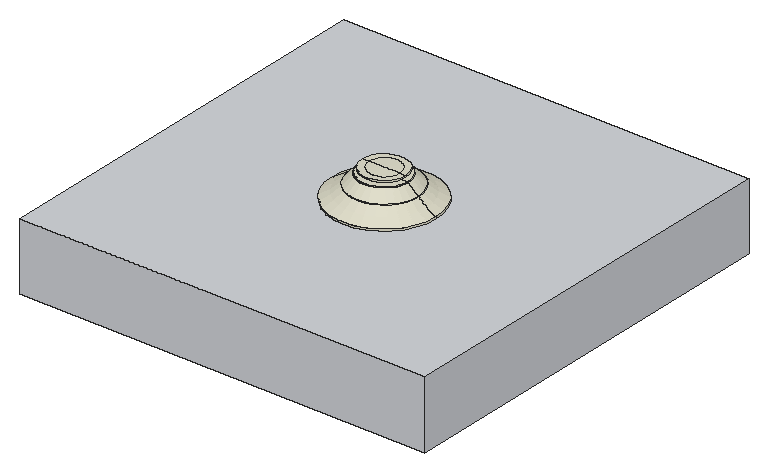
Revit family "FST-951-IV.BIM", category Fire Alarm Devices, host Face, Revit 2020
Family settings
  Host = Face
  Maintain Annotation Orientation = Yes
  Round Connector Dimension = Use Diameter
  Part Type = Normal
  OmniClass Number = 23.85.30.21
  OmniClass Title = Environmental Detection/Registration
  Cut with Voids When Loaded = No
  Shared = No
  Room Calculation Point = No
Parameters (values of type "Detector_with_Flanged_Base_Ivory")
  Wall Mounted [instance] = no
  URL = "www.notifier.com"
  Standard_Wall [instance] = and(Wall Mounted, Standard Base)  # no
  Standard_Ceiling [instance] = and(Ceiling Mounted, Standard Base)  # yes
  Standard Base = yes
  Speciality_Ceiling [instance] = and(Ceiling Mounted, Specality Base)  # no
  Specality_Wall [instance] = and(Wall Mounted, Specality Base)  # no
  Specality Base = no
  Puck_Wall [instance] = and(Wall Mounted, Puck Base)  # no
  Puck_Ceiling [instance] = and(Ceiling Mounted, Puck Base)  # no
  Puck Base = no
  Mounting Requirements = "Standard 4 inch square, 4 inch octagonal, or single gang electrical box."
  Model = "FST-951-IV/B300-6-IV"
  Manufacturer = "Notifier"  # constant formula
  Main Electrical Connection = "Signaling Line Circuit"  # constant formula
  Height = if(Specality Base, 0' 2 9/16", 0' 1 11/16")  # 0' - 1 11/16"
  Finish = Plastic_Notifier_Ivory
  Diameter = if(Puck Base, 0' 4", if(Standard Base, 0' 6", 0' 6 7/8"))  # 0' - 6"
  Detector Type = "F"  # constant formula
  Description = "Intelligent Plug-In Heat Detector-Fixed Temp Detector / Flanged Mounting Base"
  Default Elevation = 6' - 8"
  Ceiling Mounted [instance] = not(Wall Mounted)  # yes
  Base Thickness = if(Specality Base, 0' 1 11/16", 0' 0 7/8")  # 0' - 0 7/8"
  Base Select = DetectorBase-Select_Series : Flanged Base
  Base Label = ""
  Assembly Code = "D5030700"
Reference planes (in)
  plane 1 "Center (Front/Back)": y = 0
  plane 2: z = 0
  plane 3 "Center (Left/Right)": x = 0
  plane 4 "Base Depth": z = 0.875
  plane 5: x = 0
Forms (in)
  Extrusion 1, solid
    sketch origin (24, -6.72932, 0) x (1, 0, 0) y (0, 1, 0)
      loop
        line (-36, 18.72932) -> (-36, -5.27068) -> (-12, -5.27068) -> (-12, 18.72932) -> (-36, 18.72932)
    from 0 to -4
Lines and regions (in)
  Masking region 1, visible <- "Wall Mounted"
    outline origin (-5.53202, -3.47829, 0) x (1, 0, 0) y (0, 1, 0)
      loop
        circle (5.53047, 3.47791) r 2.11075
  Masking region 2, visible <- "Wall Mounted", not visible
    outline origin (0, 0, 0) x (1, 0, 0) y (0, 1, 0)
      loop
        circle (5.53047, 3.47791) r 2.11075
  Masking region 3, visible <- "Standard_Ceiling"
    outline origin (-15.46141, 0, -26.39682) x (1, 0, 0) y (0, 0, 1)
      loop
        line (18.5344, 26.39682) -> (18.5344, 26.50119) -> (17.48216, 27.19351) -> (16.92543, 27.75024) -> (16.74554, 28.06183) -> (14.18447, 28.06183) -> (14.00507, 27.75122) -> (13.45804, 27.2042) -> (12.38841, 26.50119) -> (12.38841, 26.39682) -> (18.5344, 26.39682)
  Masking region 4, visible <- "Standard Base"
    outline origin (0, -12, 0) x (0, 1, 0) y (0, 0, 1)
      loop
        line (8.927, 0) -> (15.073, 0) -> (15.073, 0.10437) -> (14.05174, 0.7967) -> (13.45781, 1.39064) -> (13.27694, 1.66501) -> (10.72306, 1.66501) -> (10.5633, 1.37724) -> (9.99344, 0.80738) -> (8.927, 0.10437) -> (8.927, 0)
  Masking region 5, visible <- "Standard Base", not visible
    outline origin (0, 0, 0) x (0, 1, 0) y (0, 0, 1)
      loop
        line (8.927, 0) -> (15.073, 0) -> (15.073, 0.10437) -> (14.05174, 0.7967) -> (13.45781, 1.39064) -> (13.27694, 1.66501) -> (10.72306, 1.66501) -> (10.5633, 1.37724) -> (9.99344, 0.80738) -> (8.927, 0.10437) -> (8.927, 0)
  Masking region 6, visible <- "Standard_Wall"
    outline origin (0, 0, 0) x (1, 0, 0) y (0, 1, 0)
      loop
        circle (-0.00155, -0.00039) r 3.0741
  Masking region 7, visible <- "Specality_Wall"
    outline origin (0, 0, 0) x (1, 0, 0) y (0, 1, 0)
      loop
        circle (-0.00155, -0.00039) r 3.42775
  Masking region 8, visible <- "Specality Base"
    outline origin (0, 27.45036, -32.86568) x (0, 1, 0) y (0, 0, 1)
      loop
        line (-24.04835, 32.86568) -> (-24.04835, 33.8153) -> (-24.22768, 34.12578) -> (-24.67998, 34.36368) -> (-25.447, 34.52671) -> (-25.99402, 35.07374) -> (-26.17342, 35.38434) -> (-28.76187, 35.38434) -> (-28.88706, 35.09658) -> (-29.45692, 34.52671) -> (-30.22074, 34.32282) -> (-30.69819, 34.09707) -> (-30.82078, 33.8153) -> (-30.88035, 32.86568) -> (-24.04835, 32.86568)
  Masking region 9, visible <- "Specality Base", not visible
    outline origin (0, 0, 0) x (0, 1, 0) y (0, 0, 1)
      loop
        line (-24.04835, 32.86568) -> (-24.04835, 33.8153) -> (-24.22768, 34.12578) -> (-24.67998, 34.36368) -> (-25.447, 34.52671) -> (-25.99402, 35.07374) -> (-26.17342, 35.38434) -> (-28.76187, 35.38434) -> (-28.88706, 35.09658) -> (-29.45692, 34.52671) -> (-30.22074, 34.32282) -> (-30.69819, 34.09707) -> (-30.82078, 33.8153) -> (-30.88035, 32.86568) -> (-24.04835, 32.86568)
  Masking region 10, visible <- "Speciality_Ceiling"
    outline origin (-12.15283, 0, -40.72634) x (1, 0, 0) y (0, 0, 1)
      loop
        line (15.58124, 40.72775) -> (15.52167, 41.67737) -> (15.39908, 41.95915) -> (14.71166, 42.25094) -> (14.27096, 42.34263) -> (14.15781, 42.38878) -> (13.42819, 43.24641) -> (10.87432, 43.24641) -> (10.14469, 42.38878) -> (9.97762, 42.33469) -> (9.38087, 42.18489) -> (8.88102, 41.9796) -> (8.77242, 41.62224) -> (8.72127, 40.72775) -> (15.58124, 40.72775)
  Masking region 11, visible <- "Speciality_Ceiling", not visible
    outline origin (0, 0, 0) x (1, 0, 0) y (0, 0, 1)
      loop
        line (15.58124, 40.72775) -> (15.52167, 41.67737) -> (15.39908, 41.95915) -> (14.71166, 42.25094) -> (14.27096, 42.34263) -> (14.15781, 42.38878) -> (13.42819, 43.24641) -> (10.87432, 43.24641) -> (10.14469, 42.38878) -> (9.97762, 42.33469) -> (9.38087, 42.18489) -> (8.88102, 41.9796) -> (8.77242, 41.62224) -> (8.72127, 40.72775) -> (15.58124, 40.72775)
  Masking region 12, visible <- "Puck Base"
    outline origin (0, -7.69624, 0.00261) x (0, 1, 0) y (0, 0, 1)
      loop
        line (5.67769, 0) -> (9.68761, 0) -> (9.68761, 0.82534) -> (9.14058, 1.37236) -> (8.96118, 1.68297) -> (6.40731, 1.68297) -> (6.24755, 1.3952) -> (5.67769, 0.82534) -> (5.67769, 0)
  Masking region 13, visible <- "Puck Base", not visible
    outline origin (0, 0, 0) x (0, 1, 0) y (0, 0, 1)
      loop
        line (5.67769, 0) -> (9.68761, 0) -> (9.68761, 0.82534) -> (9.14058, 1.37236) -> (8.96118, 1.68297) -> (6.40731, 1.68297) -> (6.24755, 1.3952) -> (5.67769, 0.82534) -> (5.67769, 0)
  Masking region 14, visible <- "Puck_Ceiling"
    outline origin (7.40824, 0, -0.80829) x (1, 0, 0) y (0, 0, 1)
      loop
        line (-5.40168, 0.80829) -> (-5.40168, 1.63642) -> (-5.94776, 2.18249) -> (-6.00405, 2.18249) -> (-6.00405, 2.21689) -> (-7.13967, 2.21689) -> (-7.13967, 2.41176) -> (-6.13131, 2.41176) -> (-6.13131, 2.49405) -> (-6.54202, 2.49405) -> (-7.15621, 2.51785) -> (-7.72665, 2.51785) -> (-8.30672, 2.49405) -> (-8.68518, 2.49405) -> (-8.68518, 2.41176) -> (-7.67681, 2.41176) -> (-7.67681, 2.21689) -> (-8.81353, 2.21689) -> (-8.81353, 2.18344) -> (-8.86458, 2.18344) -> (-9.4116, 1.63642) -> (-9.4116, 0.80829) -> (-5.40168, 0.80829)
  Masking region 15, visible <- "Puck_Ceiling", not visible
    outline origin (0, 0, -0.82392) x (1, 0, 0) y (0, 0, 1)
      loop
        line (-5.40168, 0.80829) -> (-5.40168, 1.63642) -> (-5.94776, 2.18249) -> (-6.00405, 2.18249) -> (-6.00405, 2.21689) -> (-7.13967, 2.21689) -> (-7.13967, 2.41176) -> (-6.13131, 2.41176) -> (-6.13131, 2.49405) -> (-6.54202, 2.49405) -> (-7.15621, 2.51785) -> (-7.72665, 2.51785) -> (-8.30672, 2.49405) -> (-8.68518, 2.49405) -> (-8.68518, 2.41176) -> (-7.67681, 2.41176) -> (-7.67681, 2.21689) -> (-8.81353, 2.21689) -> (-8.81353, 2.18344) -> (-8.86458, 2.18344) -> (-9.4116, 1.63642) -> (-9.4116, 0.80829) -> (-5.40168, 0.80829)
  symbolic lines, style "0", visible <- "Wall Mounted"
    curve 1: circle (-0.00155, -0.00039, 0) r 2.00967 normal (0, 0, 1)
    curve 2: circle (-0.00155, -0.00039, 0) r 2.11075 normal (0, 0, 1)
    curve 3: circle (-0.00155, -0.00039, 0) r 1.45634 normal (0, 0, 1)
    curve 4: circle (-0.00155, -0.00039, 0) r 1.40529 normal (0, 0, 1)
    curve 5: circle (-0.00155, -0.00039, 0) r 1.27694 normal (0, 0, 1)
  symbolic lines, style "0", visible <- "Wall Mounted", not visible
    curve 6: circle (5.53047, 3.47791, 0) r 2.00967 normal (0, 0, 1)
    curve 7: circle (5.53047, 3.47791, 0) r 2.11075 normal (0, 0, 1)
    curve 8: circle (5.53047, 3.47791, 0) r 1.45634 normal (0, 0, 1)
    curve 9: circle (5.53047, 3.47791, 0) r 1.40529 normal (0, 0, 1)
    curve 10: circle (5.53047, 3.47791, 0) r 1.27694 normal (0, 0, 1)
  symbolic lines, visible <- "Standard_Wall"
    curve 11: circle (0, -0.00039, 0) r 3.073 normal (0, 0, 1)
  symbolic lines, style "0", visible <- "Standard Base"
    curve 12: arc (0, -2.02075, 0.7967) -> (0, -2.52551, 0.41806) -> (0, -3.073, 0.10437) r 5.12142
    curve 13: arc (0, 3.073, 0.10437) -> (0, 2.52551, 0.41806) -> (0, 2.02075, 0.7967) r 5.12142
    curve 14: arc (0, 2.00656, 0.80738) -> (0, 1.72117, 1.07055) -> (0, 1.45634, 1.3544) r 5.16892
    curve 15: arc (0, 0, 1.69084) -> (0, 0.44942, 1.68438) -> (0, 0.89848, 1.66501) r 15.63962
    curve 16: arc (0, -1.45634, 1.3544) -> (0, -1.72117, 1.07055) -> (0, -2.00656, 0.80738) r 5.16892
    curve 17: arc (0, -0.89848, 1.66501) -> (0, -0.44942, 1.68438) -> (0, 0, 1.69084) r 15.63962
    curve 18: line (0, 3.073, 0.10437) -> (0, 3.073, 0)
    curve 19: line (0, 3.073, 0) -> (0, 0, 0)
    curve 20: line (0, 0, 0) -> (0, -3.073, 0)
    curve 21: line (0, -3.073, 0) -> (0, -3.073, 0.10437)
    curve 22: line (0, -2.02075, 0.7967) -> (0, 0, 0.7967)
    curve 23: line (0, 0, 0.7967) -> (0, 2.02075, 0.7967)
    curve 24: line (0, -1.45634, 1.3544) -> (0, -1.40529, 1.3544)
    curve 25: line (0, -1.40529, 1.3544) -> (0, -1.40529, 1.38785)
    curve 26: line (0, -1.40529, 1.38785) -> (0, 0, 1.38785)
    curve 27: line (0, 0, 1.38785) -> (0, 1.40529, 1.38785)
    curve 28: line (0, 1.40529, 1.38785) -> (0, 1.40529, 1.3544)
    curve 29: line (0, 1.40529, 1.3544) -> (0, 1.45634, 1.3544)
    curve 30: line (0, -0.26857, 1.38785) -> (0, -0.26857, 1.58272)
    curve 31: line (0, -0.26857, 1.58272) -> (0, -1.27694, 1.58272)
    curve 32: line (0, -1.27694, 1.58272) -> (0, -1.27694, 1.66501)
    curve 33: line (0, -1.27694, 1.66501) -> (0, -0.89848, 1.66501)
    curve 34: line (0, -0.89848, 1.66501) -> (0, 0.89848, 1.66501)
    curve 35: line (0, 0.89848, 1.66501) -> (0, 1.27694, 1.66501)
    curve 36: line (0, 1.27694, 1.66501) -> (0, 1.27694, 1.58272)
    curve 37: line (0, 1.27694, 1.58272) -> (0, 0.26857, 1.58272)
    curve 38: line (0, 0.26857, 1.58272) -> (0, 0.26857, 1.38785)
    curve 39: line (0, 2.00656, 0.80738) -> (0, -2.00656, 0.80738)
    curve 40: line (0, 1.40529, 1.3544) -> (0, -1.40529, 1.3544)
    curve 41: line (0, 0.26857, 1.58272) -> (0, -0.26857, 1.58272)
  symbolic lines, style "0", visible <- "Standard Base", not visible
    curve 42: arc (0, 9.97925, 0.7967) -> (0, 9.47449, 0.41806) -> (0, 8.927, 0.10437) r 5.12142
    curve 43: arc (0, 15.073, 0.10437) -> (0, 14.52551, 0.41806) -> (0, 14.02075, 0.7967) r 5.12142
    curve 44: arc (0, 14.00656, 0.80738) -> (0, 13.72117, 1.07055) -> (0, 13.45634, 1.3544) r 5.16892
    curve 45: arc (0, 12, 1.69084) -> (0, 12.44942, 1.68438) -> (0, 12.89848, 1.66501) r 15.63962
    curve 46: arc (0, 10.54366, 1.3544) -> (0, 10.27883, 1.07055) -> (0, 9.99344, 0.80738) r 5.16892
    curve 47: arc (0, 11.10152, 1.66501) -> (0, 11.55058, 1.68438) -> (0, 12, 1.69084) r 15.63962
    curve 48: line (0, 15.073, 0.10437) -> (0, 15.073, 0)
    curve 49: line (0, 15.073, 0) -> (0, 12, 0)
    curve 50: line (0, 12, 0) -> (0, 8.927, 0)
    curve 51: line (0, 8.927, 0) -> (0, 8.927, 0.10437)
    curve 52: line (0, 9.97925, 0.7967) -> (0, 12, 0.7967)
    curve 53: line (0, 12, 0.7967) -> (0, 14.02075, 0.7967)
    curve 54: line (0, 10.54366, 1.3544) -> (0, 10.59471, 1.3544)
    curve 55: line (0, 10.59471, 1.3544) -> (0, 10.59471, 1.38785)
    curve 56: line (0, 10.59471, 1.38785) -> (0, 12, 1.38785)
    curve 57: line (0, 12, 1.38785) -> (0, 13.40529, 1.38785)
    curve 58: line (0, 13.40529, 1.38785) -> (0, 13.40529, 1.3544)
    curve 59: line (0, 13.40529, 1.3544) -> (0, 13.45634, 1.3544)
    curve 60: line (0, 11.73143, 1.38785) -> (0, 11.73143, 1.58272)
    curve 61: line (0, 11.73143, 1.58272) -> (0, 10.72306, 1.58272)
    curve 62: line (0, 10.72306, 1.58272) -> (0, 10.72306, 1.66501)
    curve 63: line (0, 10.72306, 1.66501) -> (0, 11.10152, 1.66501)
    curve 64: line (0, 11.10152, 1.66501) -> (0, 12.89848, 1.66501)
    curve 65: line (0, 12.89848, 1.66501) -> (0, 13.27694, 1.66501)
    curve 66: line (0, 13.27694, 1.66501) -> (0, 13.27694, 1.58272)
    curve 67: line (0, 13.27694, 1.58272) -> (0, 12.26857, 1.58272)
    curve 68: line (0, 12.26857, 1.58272) -> (0, 12.26857, 1.38785)
    curve 69: line (0, 14.00656, 0.80738) -> (0, 9.99344, 0.80738)
    curve 70: line (0, 13.40529, 1.3544) -> (0, 10.59471, 1.3544)
    curve 71: line (0, 12.26857, 1.58272) -> (0, 11.73143, 1.58272)
  symbolic lines, style "0", visible <- "Standard_Ceiling"
    curve 72: arc (2.02075, 0, 0.7967) -> (2.52551, 0, 0.41806) -> (3.073, 0, 0.10437) r 5.12142
    curve 73: arc (-3.073, 0, 0.10437) -> (-2.52551, 0, 0.41806) -> (-2.02075, 0, 0.7967) r 5.12142
    curve 74: arc (-2.00656, 0, 0.80738) -> (-1.72117, 0, 1.07055) -> (-1.45634, 0, 1.3544) r 5.16892
    curve 75: arc (0, 0, 1.69084) -> (-0.44942, 0, 1.68438) -> (-0.89848, 0, 1.66501) r 15.63962
    curve 76: arc (1.45634, 0, 1.3544) -> (1.72117, 0, 1.07055) -> (2.00656, 0, 0.80738) r 5.16892
    curve 77: arc (0.89848, 0, 1.66501) -> (0.44942, 0, 1.68438) -> (0, 0, 1.69084) r 15.63962
    curve 78: line (-3.073, 0, 0.10437) -> (-3.073, 0, 0)
    curve 79: line (-3.073, 0, 0) -> (0, 0, 0)
    curve 80: line (0, 0, 0) -> (3.073, 0, 0)
    curve 81: line (3.073, 0, 0) -> (3.073, 0, 0.10437)
    curve 82: line (2.02075, 0, 0.7967) -> (0, 0, 0.7967)
    curve 83: line (0, 0, 0.7967) -> (-2.02075, 0, 0.7967)
    curve 84: line (1.45634, 0, 1.3544) -> (1.40529, 0, 1.3544)
    curve 85: line (1.40529, 0, 1.3544) -> (1.40529, 0, 1.38785)
    curve 86: line (1.40529, 0, 1.38785) -> (0, 0, 1.38785)
    curve 87: line (0, 0, 1.38785) -> (-1.40529, 0, 1.38785)
    curve 88: line (-1.40529, 0, 1.38785) -> (-1.40529, 0, 1.3544)
    curve 89: line (-1.40529, 0, 1.3544) -> (-1.45634, 0, 1.3544)
    curve 90: line (0.26857, 0, 1.38785) -> (0.26857, 0, 1.58272)
    curve 91: line (0.26857, 0, 1.58272) -> (1.27694, 0, 1.58272)
    curve 92: line (1.27694, 0, 1.58272) -> (1.27694, 0, 1.66501)
    curve 93: line (1.27694, 0, 1.66501) -> (0.89848, 0, 1.66501)
    curve 94: line (0.89848, 0, 1.66501) -> (-0.89848, 0, 1.66501)
    curve 95: line (-0.89848, 0, 1.66501) -> (-1.27694, 0, 1.66501)
    curve 96: line (-1.27694, 0, 1.66501) -> (-1.27694, 0, 1.58272)
    curve 97: line (-1.27694, 0, 1.58272) -> (-0.26857, 0, 1.58272)
    curve 98: line (-0.26857, 0, 1.58272) -> (-0.26857, 0, 1.38785)
    curve 99: line (-2.00656, 0, 0.80738) -> (2.00656, 0, 0.80738)
    curve 100: line (-1.40529, 0, 1.3544) -> (1.40529, 0, 1.3544)
    curve 101: line (-0.26857, 0, 1.58272) -> (0.26857, 0, 1.58272)
  symbolic lines, style "0", visible <- "Specality_Wall"
    curve 102: circle (-0.00155, -0.00039, 0) r 2.00967 normal (0, 0, 1)
    curve 103: circle (-0.00155, -0.00039, 0) r 3.42775 normal (0, 0, 1)
    curve 104: circle (-0.00155, -0.00039, 0) r 3.38081 normal (0, 0, 1)
    curve 105: circle (-0.00155, -0.00039, 0) r 3.25078 normal (0, 0, 1)
    curve 106: circle (-0.00155, -0.00039, 0) r 2.11075 normal (0, 0, 1)
    curve 107: arc (0.85813, 3.31781, 0) -> (1.17522, 2.32061, 0) -> (1.72456, 1.43, 0) r 4.28478
    curve 108: arc (2.2402, -0.00039, 0) -> (2.10736, 0.75986, 0) -> (1.72456, 1.43, 0) r 2.24176
    curve 109: arc (1.72456, -1.43078, 0) -> (1.17522, -2.32139, 0) -> (0.85813, -3.31859, 0) r 4.28478
    curve 110: arc (1.72456, -1.43078, 0) -> (2.10736, -0.76064, 0) -> (2.2402, -0.00039, 0) r 2.24176
    curve 111: arc (3.01297, -0.00039, 0) -> (2.74961, 1.23188, 0) -> (2.00553, 2.24883, 0) r 3.01453
    curve 112: arc (2.93101, -0.00039, 0) -> (2.67346, 1.20139, 0) -> (1.94603, 2.19207, 0) r 2.93257
    curve 113: arc (2.76294, -0.00039, 0) -> (2.55291, 1.05655, 0) -> (1.95474, 1.9529, 0) r 2.76449
    curve 114: arc (2.68098, -0.00039, 0) -> (2.47573, 1.0287, 0) -> (1.89141, 1.90031, 0) r 2.68253
    curve 115: arc (2.51356, -0.00039, 0) -> (2.35974, 0.86568, 0) -> (1.91711, 1.62581, 0) r 2.51511
    curve 116: arc (2.4316, -0.00039, 0) -> (2.28149, 0.84101, 0) -> (1.84968, 1.57858, 0) r 2.43315
    curve 117: arc (2.00553, -2.24961, 0) -> (2.74961, -1.23266, 0) -> (3.01297, -0.00039, 0) r 3.01453
    curve 118: arc (1.94603, -2.19284, 0) -> (2.67346, -1.20216, 0) -> (2.93101, -0.00039, 0) r 2.93257
    curve 119: arc (1.95474, -1.95368, 0) -> (2.55291, -1.05733, 0) -> (2.76294, -0.00039, 0) r 2.76449
    curve 120: arc (1.89141, -1.90109, 0) -> (2.47573, -1.02948, 0) -> (2.68098, -0.00039, 0) r 2.68253
    curve 121: arc (1.91711, -1.62659, 0) -> (2.35974, -0.86646, 0) -> (2.51356, -0.00039, 0) r 2.51511
    curve 122: arc (1.84968, -1.57936, 0) -> (2.28149, -0.84178, 0) -> (2.4316, -0.00039, 0) r 2.43315
    curve 123: arc (-2.00863, 2.24883, 0) -> (-2.75271, 1.23188, 0) -> (-3.01608, -0.00039, 0) r 3.01453
    curve 124: arc (-1.94914, 2.19207, 0) -> (-2.67656, 1.20139, 0) -> (-2.93412, -0.00039, 0) r 2.93257
    curve 125: arc (-1.95785, 1.9529, 0) -> (-2.55602, 1.05655, 0) -> (-2.76604, -0.00039, 0) r 2.76449
    curve 126: arc (-1.89451, 1.90031, 0) -> (-2.47884, 1.0287, 0) -> (-2.68408, -0.00039, 0) r 2.68253
    curve 127: arc (-1.92021, 1.62581, 0) -> (-2.36285, 0.86568, 0) -> (-2.51667, -0.00039, 0) r 2.51511
    curve 128: arc (-1.85279, 1.57858, 0) -> (-2.2846, 0.84101, 0) -> (-2.43471, -0.00039, 0) r 2.43315
    curve 129: arc (-3.01608, -0.00039, 0) -> (-2.75271, -1.23266, 0) -> (-2.00863, -2.24961, 0) r 3.01453
    curve 130: arc (-2.93412, -0.00039, 0) -> (-2.67656, -1.20216, 0) -> (-1.94914, -2.19284, 0) r 2.93257
    curve 131: arc (-2.76604, -0.00039, 0) -> (-2.55602, -1.05733, 0) -> (-1.95785, -1.95368, 0) r 2.76449
    curve 132: arc (-2.68408, -0.00039, 0) -> (-2.47884, -1.02948, 0) -> (-1.89451, -1.90109, 0) r 2.68253
    curve 133: arc (-2.51667, -0.00039, 0) -> (-2.36285, -0.86646, 0) -> (-1.92021, -1.62659, 0) r 2.51511
    curve 134: arc (-2.43471, -0.00039, 0) -> (-2.2846, -0.84178, 0) -> (-1.85279, -1.57936, 0) r 2.43315
    curve 135: line (1.84968, 1.57858, 0) -> (1.91711, 1.62581, 0)
    curve 136: line (1.89141, 1.90031, 0) -> (1.95474, 1.9529, 0)
    curve 137: line (1.94603, 2.19207, 0) -> (2.00553, 2.24883, 0)
    curve 138: line (1.84968, -1.57936, 0) -> (1.91711, -1.62659, 0)
    curve 139: line (1.89141, -1.90109, 0) -> (1.95474, -1.95368, 0)
    curve 140: line (1.94603, -2.19284, 0) -> (2.00553, -2.24961, 0)
    curve 141: line (-1.85279, 1.57858, 0) -> (-1.92021, 1.62581, 0)
    curve 142: line (-1.89451, 1.90031, 0) -> (-1.95785, 1.9529, 0)
    curve 143: line (-1.94914, 2.19207, 0) -> (-2.00863, 2.24883, 0)
    curve 144: line (-1.85279, -1.57936, 0) -> (-1.92021, -1.62659, 0)
    curve 145: line (-1.89451, -1.90109, 0) -> (-1.95785, -1.95368, 0)
    curve 146: line (-1.94914, -2.19284, 0) -> (-2.00863, -2.24961, 0)
    curve 147: arc (-1.72767, 1.43, 0) -> (-1.17833, 2.32061, 0) -> (-0.86124, 3.31781, 0) r 4.28478
    curve 148: arc (-1.72767, 1.43, 0) -> (-2.11046, 0.75986, 0) -> (-2.24331, -0.00039, 0) r 2.24176
    curve 149: arc (-0.86124, -3.31859, 0) -> (-1.17833, -2.32139, 0) -> (-1.72767, -1.43078, 0) r 4.28478
    curve 150: arc (-2.24331, -0.00039, 0) -> (-2.11046, -0.76064, 0) -> (-1.72767, -1.43078, 0) r 2.24176
    curve 151: circle (-0.00155, -0.00039, 0) r 1.45634 normal (0, 0, 1)
    curve 152: circle (-0.00155, -0.00039, 0) r 1.40529 normal (0, 0, 1)
    curve 153: circle (-0.00155, -0.00039, 0) r 1.27694 normal (0, 0, 1)
  symbolic lines, style "0", visible <- "Specality_Wall", not visible
    curve 154: circle (6.19169, 5.69951, 0) r 2.00967 normal (0, 0, 1)
    curve 155: circle (6.19169, 5.69951, 0) r 3.42775 normal (0, 0, 1)
    curve 156: circle (6.19169, 5.69951, 0) r 3.38081 normal (0, 0, 1)
    curve 157: circle (6.19169, 5.69951, 0) r 3.25078 normal (0, 0, 1)
    curve 158: circle (6.19169, 5.69951, 0) r 2.11075 normal (0, 0, 1)
    curve 159: arc (7.05137, 9.01771, 0) -> (7.36846, 8.02051, 0) -> (7.9178, 7.1299, 0) r 4.28478
    curve 160: arc (8.43345, 5.69951, 0) -> (8.3006, 6.45976, 0) -> (7.9178, 7.1299, 0) r 2.24176
    curve 161: arc (7.9178, 4.26912, 0) -> (7.36846, 3.37851, 0) -> (7.05137, 2.38131, 0) r 4.28478
    curve 162: arc (7.9178, 4.26912, 0) -> (8.3006, 4.93926, 0) -> (8.43345, 5.69951, 0) r 2.24176
    curve 163: arc (9.20622, 5.69951, 0) -> (8.94285, 6.93178, 0) -> (8.19877, 7.94873, 0) r 3.01453
    curve 164: arc (9.12426, 5.69951, 0) -> (8.8667, 6.90128, 0) -> (8.13928, 7.89196, 0) r 2.93257
    curve 165: arc (8.95618, 5.69951, 0) -> (8.74615, 6.75645, 0) -> (8.14798, 7.6528, 0) r 2.76449
    curve 166: arc (8.87422, 5.69951, 0) -> (8.66898, 6.7286, 0) -> (8.08465, 7.60021, 0) r 2.68253
    curve 167: arc (8.7068, 5.69951, 0) -> (8.55299, 6.56558, 0) -> (8.11035, 7.32571, 0) r 2.51511
    curve 168: arc (8.62484, 5.69951, 0) -> (8.47473, 6.5409, 0) -> (8.04293, 7.27848, 0) r 2.43315
    curve 169: arc (8.19877, 3.45029, 0) -> (8.94285, 4.46724, 0) -> (9.20622, 5.69951, 0) r 3.01453
    curve 170: arc (8.13928, 3.50706, 0) -> (8.8667, 4.49774, 0) -> (9.12426, 5.69951, 0) r 2.93257
    curve 171: arc (8.14798, 3.74622, 0) -> (8.74615, 4.64257, 0) -> (8.95618, 5.69951, 0) r 2.76449
    curve 172: arc (8.08465, 3.79881, 0) -> (8.66898, 4.67042, 0) -> (8.87422, 5.69951, 0) r 2.68253
    curve 173: arc (8.11035, 4.07331, 0) -> (8.55299, 4.83344, 0) -> (8.7068, 5.69951, 0) r 2.51511
    curve 174: arc (8.04293, 4.12054, 0) -> (8.47473, 4.85812, 0) -> (8.62484, 5.69951, 0) r 2.43315
    curve 175: arc (4.18461, 7.94873, 0) -> (3.44053, 6.93178, 0) -> (3.17716, 5.69951, 0) r 3.01453
    curve 176: arc (4.24411, 7.89196, 0) -> (3.51668, 6.90128, 0) -> (3.25912, 5.69951, 0) r 2.93257
    curve 177: arc (4.2354, 7.6528, 0) -> (3.63723, 6.75645, 0) -> (3.4272, 5.69951, 0) r 2.76449
    curve 178: arc (4.29873, 7.60021, 0) -> (3.7144, 6.7286, 0) -> (3.50916, 5.69951, 0) r 2.68253
    curve 179: arc (4.27303, 7.32571, 0) -> (3.8304, 6.56558, 0) -> (3.67658, 5.69951, 0) r 2.51511
    curve 180: arc (4.34045, 7.27848, 0) -> (3.90865, 6.5409, 0) -> (3.75854, 5.69951, 0) r 2.43315
    curve 181: arc (3.17716, 5.69951, 0) -> (3.44053, 4.46724, 0) -> (4.18461, 3.45029, 0) r 3.01453
    curve 182: arc (3.25912, 5.69951, 0) -> (3.51668, 4.49774, 0) -> (4.24411, 3.50706, 0) r 2.93257
    curve 183: arc (3.4272, 5.69951, 0) -> (3.63723, 4.64257, 0) -> (4.2354, 3.74622, 0) r 2.76449
    curve 184: arc (3.50916, 5.69951, 0) -> (3.7144, 4.67042, 0) -> (4.29873, 3.79881, 0) r 2.68253
    curve 185: arc (3.67658, 5.69951, 0) -> (3.8304, 4.83344, 0) -> (4.27303, 4.07331, 0) r 2.51511
    curve 186: arc (3.75854, 5.69951, 0) -> (3.90865, 4.85812, 0) -> (4.34045, 4.12054, 0) r 2.43315
    curve 187: line (8.04293, 7.27848, 0) -> (8.11035, 7.32571, 0)
    curve 188: line (8.08465, 7.60021, 0) -> (8.14798, 7.6528, 0)
    curve 189: line (8.13928, 7.89196, 0) -> (8.19877, 7.94873, 0)
    curve 190: line (8.04293, 4.12054, 0) -> (8.11035, 4.07331, 0)
    curve 191: line (8.08465, 3.79881, 0) -> (8.14798, 3.74622, 0)
    curve 192: line (8.13928, 3.50706, 0) -> (8.19877, 3.45029, 0)
    curve 193: line (4.34045, 7.27848, 0) -> (4.27303, 7.32571, 0)
    curve 194: line (4.29873, 7.60021, 0) -> (4.2354, 7.6528, 0)
    curve 195: line (4.24411, 7.89196, 0) -> (4.18461, 7.94873, 0)
    curve 196: line (4.34045, 4.12054, 0) -> (4.27303, 4.07331, 0)
    curve 197: line (4.29873, 3.79881, 0) -> (4.2354, 3.74622, 0)
    curve 198: line (4.24411, 3.50706, 0) -> (4.18461, 3.45029, 0)
    curve 199: arc (4.46558, 7.1299, 0) -> (5.01492, 8.02051, 0) -> (5.33201, 9.01771, 0) r 4.28478
    curve 200: arc (4.46558, 7.1299, 0) -> (4.08278, 6.45976, 0) -> (3.94993, 5.69951, 0) r 2.24176
    curve 201: arc (5.33201, 2.38131, 0) -> (5.01492, 3.37851, 0) -> (4.46558, 4.26912, 0) r 4.28478
    curve 202: arc (3.94993, 5.69951, 0) -> (4.08278, 4.93926, 0) -> (4.46558, 4.26912, 0) r 2.24176
    curve 203: circle (6.19169, 5.69951, 0) r 1.45634 normal (0, 0, 1)
    curve 204: circle (6.19169, 5.69951, 0) r 1.40529 normal (0, 0, 1)
    curve 205: circle (6.19169, 5.69951, 0) r 1.27694 normal (0, 0, 1)
  symbolic lines, style "0", visible <- "Specality Base"
    curve 206: arc (0, -3.21481, 1.26422) -> (0, -2.68235, 1.48667) -> (0, -2.11971, 1.61488) r 3.36539
    curve 207: arc (0, -1.70364, 1.59551) -> (0, -1.42134, 1.57373) -> (0, -1.14854, 1.49794) r 1.46181
    curve 208: arc (0, -1.14854, 1.49794) -> (0, -1.00103, 1.39159) -> (0, -0.90294, 1.23847) r 0.48588
    curve 209: arc (0, 3.21481, 1.26422) -> (0, 2.68235, 1.48667) -> (0, 2.11971, 1.61488) r 3.36539
    curve 210: arc (0, 1.70364, 1.59551) -> (0, 1.42134, 1.57373) -> (0, 1.14854, 1.49794) r 1.46181
    curve 211: arc (0, 1.14854, 1.49794) -> (0, 1.00103, 1.39159) -> (0, 0.90294, 1.23847) r 0.48588
    curve 212: arc (0, 2.00656, 1.66103) -> (0, 1.72117, 1.9242) -> (0, 1.45634, 2.20805) r 5.16892
    curve 213: arc (0, 0, 2.54449) -> (0, 0.44942, 2.53803) -> (0, 0.89848, 2.51866) r 15.63962
    curve 214: arc (0, -1.45634, 2.20805) -> (0, -1.72117, 1.9242) -> (0, -2.00656, 1.66103) r 5.16892
    curve 215: arc (0, -0.89848, 2.51866) -> (0, -0.44942, 2.53803) -> (0, 0, 2.54449) r 15.63962
    curve 216: line (0, 3.21481, 1.26422) -> (0, 3.24783, 1.23139)
    curve 217: line (0, 3.24783, 1.23139) -> (0, 3.37042, 0.94961)
    curve 218: line (0, 3.37042, 0.94961) -> (0, 3.37883, 0.89449)
    curve 219: line (0, 3.37883, 0.89449) -> (0, 3.42999, 0)
    curve 220: line (0, 3.42999, 0) -> (0, 0, 0)
    curve 221: line (0, 0, 0) -> (0, -3.42999, 0)
    curve 222: line (0, -3.42999, 0) -> (0, -3.37883, 0.89449)
    curve 223: line (0, -3.37883, 0.89449) -> (0, -3.37042, 0.94961)
    curve 224: line (0, -3.37042, 0.94961) -> (0, -3.24783, 1.23139)
    curve 225: line (0, -3.24783, 1.23139) -> (0, -3.21481, 1.26422)
    curve 226: line (0, -2.11971, 1.61488) -> (0, 0, 1.61488)
    curve 227: line (0, 0, 1.61488) -> (0, 2.11971, 1.61488)
    curve 228: line (0, -2.24232, 1.59551) -> (0, -1.70364, 1.59551)
    curve 229: line (0, -0.90294, 1.23847) -> (0, -0.86987, 0.89863)
    curve 230: line (0, -0.86987, 0.89863) -> (0, -0.86087, 0)
    curve 231: line (0, -3.01847, 1.35887) -> (0, -2.00893, 1.35887)
    curve 232: line (0, -2.00893, 1.35887) -> (0, -1.9491, 1.39378)
    curve 233: line (0, -1.9491, 1.39378) -> (0, -2.93672, 1.39378)
    curve 234: line (0, -2.77038, 1.45713) -> (0, -1.95849, 1.45713)
    curve 235: line (0, -1.95849, 1.45713) -> (0, -1.89602, 1.48477)
    curve 236: line (0, -1.89602, 1.48477) -> (0, -2.68827, 1.48477)
    curve 237: line (0, -2.52073, 1.53399) -> (0, -1.91879, 1.53399)
    curve 238: line (0, -1.91879, 1.53399) -> (0, -1.85593, 1.55343)
    curve 239: line (0, -1.85593, 1.55343) -> (0, -2.44401, 1.55343)
    curve 240: line (0, -3.37042, 0.94961) -> (0, 0, 0.94961)
    curve 241: line (0, 0, 0.94961) -> (0, 3.37042, 0.94961)
    curve 242: line (0, -3.24783, 1.23139) -> (0, 0, 1.23139)
    curve 243: line (0, 0, 1.23139) -> (0, 3.24783, 1.23139)
    curve 244: line (0, 2.24232, 1.59551) -> (0, 1.70364, 1.59551)
    curve 245: line (0, 0.90294, 1.23847) -> (0, 0.86987, 0.89863)
    curve 246: line (0, 0.86987, 0.89863) -> (0, 0.86087, 0)
    curve 247: line (0, 3.01847, 1.35887) -> (0, 2.00893, 1.35887)
    curve 248: line (0, 2.00893, 1.35887) -> (0, 1.9491, 1.39378)
    curve 249: line (0, 1.9491, 1.39378) -> (0, 2.93672, 1.39378)
    curve 250: line (0, 2.77038, 1.45713) -> (0, 1.95849, 1.45713)
    curve 251: line (0, 1.95849, 1.45713) -> (0, 1.89602, 1.48477)
    curve 252: line (0, 1.89602, 1.48477) -> (0, 2.68827, 1.48477)
    curve 253: line (0, 2.52073, 1.53399) -> (0, 1.91879, 1.53399)
    curve 254: line (0, 1.91879, 1.53399) -> (0, 1.85593, 1.55343)
    curve 255: line (0, 1.85593, 1.55343) -> (0, 2.44401, 1.55343)
    curve 256: line (0, -1.45634, 2.20805) -> (0, -1.40529, 2.20805)
    curve 257: line (0, -1.40529, 2.20805) -> (0, -1.40529, 2.2415)
    curve 258: line (0, -1.40529, 2.2415) -> (0, 0, 2.2415)
    curve 259: line (0, 0, 2.2415) -> (0, 1.40529, 2.2415)
    curve 260: line (0, 1.40529, 2.2415) -> (0, 1.40529, 2.20805)
    curve 261: line (0, 1.40529, 2.20805) -> (0, 1.45634, 2.20805)
    curve 262: line (0, -0.26857, 2.2415) -> (0, -0.26857, 2.43637)
    curve 263: line (0, -0.26857, 2.43637) -> (0, -1.27694, 2.43637)
    curve 264: line (0, -1.27694, 2.43637) -> (0, -1.27694, 2.51866)
    curve 265: line (0, -1.27694, 2.51866) -> (0, -0.89848, 2.51866)
    curve 266: line (0, -0.89848, 2.51866) -> (0, 0.89848, 2.51866)
    curve 267: line (0, 0.89848, 2.51866) -> (0, 1.27694, 2.51866)
    curve 268: line (0, 1.27694, 2.51866) -> (0, 1.27694, 2.43637)
    curve 269: line (0, 1.27694, 2.43637) -> (0, 0.26857, 2.43637)
    curve 270: line (0, 0.26857, 2.43637) -> (0, 0.26857, 2.2415)
    curve 271: line (0, 0, 1.61488) -> (0, 2.00656, 1.61488)
    curve 272: line (0, 2.00656, 1.61488) -> (0, 2.00656, 1.66103)
    curve 273: line (0, 2.00656, 1.66103) -> (0, -2.00656, 1.66103)
    curve 274: line (0, -2.00656, 1.66103) -> (0, -2.00656, 1.61488)
    curve 275: line (0, -2.00656, 1.61488) -> (0, 0, 1.61488)
    curve 276: line (0, 1.40529, 2.20805) -> (0, -1.40529, 2.20805)
    curve 277: line (0, 0.26857, 2.43637) -> (0, -0.26857, 2.43637)
  symbolic lines, style "0", visible <- "Specality Base", not visible
    curve 278: arc (0, -30.66517, 34.12991) -> (0, -30.13271, 34.35235) -> (0, -29.57007, 34.48056) r 3.36539
    curve 279: arc (0, -29.154, 34.46119) -> (0, -28.8717, 34.43941) -> (0, -28.5989, 34.36362) r 1.46181
    curve 280: arc (0, -28.5989, 34.36362) -> (0, -28.45139, 34.25728) -> (0, -28.3533, 34.10415) r 0.48588
    curve 281: arc (0, -24.23555, 34.12991) -> (0, -24.76801, 34.35235) -> (0, -25.33065, 34.48056) r 3.36539
    curve 282: arc (0, -25.74672, 34.46119) -> (0, -26.02902, 34.43941) -> (0, -26.30182, 34.36362) r 1.46181
    curve 283: arc (0, -26.30182, 34.36362) -> (0, -26.44933, 34.25728) -> (0, -26.54742, 34.10415) r 0.48588
    curve 284: arc (0, -25.4438, 34.52671) -> (0, -25.72919, 34.78989) -> (0, -25.99402, 35.07374) r 5.16892
    curve 285: arc (0, -27.45036, 35.41017) -> (0, -27.00094, 35.40371) -> (0, -26.55188, 35.38434) r 15.63962
    curve 286: arc (0, -28.9067, 35.07374) -> (0, -29.17153, 34.78989) -> (0, -29.45692, 34.52671) r 5.16892
    curve 287: arc (0, -28.34884, 35.38434) -> (0, -27.89979, 35.40371) -> (0, -27.45036, 35.41017) r 15.63962
    curve 288: line (0, -24.23555, 34.12991) -> (0, -24.20253, 34.09707)
    curve 289: line (0, -24.20253, 34.09707) -> (0, -24.07994, 33.8153)
    curve 290: line (0, -24.07994, 33.8153) -> (0, -24.07153, 33.76017)
    curve 291: line (0, -24.07153, 33.76017) -> (0, -24.02037, 32.86568)
    curve 292: line (0, -24.02037, 32.86568) -> (0, -27.45036, 32.86568)
    curve 293: line (0, -27.45036, 32.86568) -> (0, -30.88035, 32.86568)
    curve 294: line (0, -30.88035, 32.86568) -> (0, -30.82919, 33.76017)
    curve 295: line (0, -30.82919, 33.76017) -> (0, -30.82078, 33.8153)
    curve 296: line (0, -30.82078, 33.8153) -> (0, -30.69819, 34.09707)
    curve 297: line (0, -30.69819, 34.09707) -> (0, -30.66517, 34.12991)
    curve 298: line (0, -29.57007, 34.48056) -> (0, -27.45036, 34.48056)
    curve 299: line (0, -27.45036, 34.48056) -> (0, -25.33065, 34.48056)
    curve 300: line (0, -29.69268, 34.46119) -> (0, -29.154, 34.46119)
    curve 301: line (0, -28.3533, 34.10415) -> (0, -28.32023, 33.76432)
    curve 302: line (0, -28.32023, 33.76432) -> (0, -28.31123, 32.86568)
    curve 303: line (0, -30.46883, 34.22455) -> (0, -29.45929, 34.22455)
    curve 304: line (0, -29.45929, 34.22455) -> (0, -29.39946, 34.25946)
    curve 305: line (0, -29.39946, 34.25946) -> (0, -30.38708, 34.25946)
    curve 306: line (0, -30.22074, 34.32282) -> (0, -29.40886, 34.32282)
    curve 307: line (0, -29.40886, 34.32282) -> (0, -29.34638, 34.35045)
    curve 308: line (0, -29.34638, 34.35045) -> (0, -30.13863, 34.35045)
    curve 309: line (0, -29.97109, 34.39968) -> (0, -29.36915, 34.39968)
    curve 310: line (0, -29.36915, 34.39968) -> (0, -29.30629, 34.41911)
    curve 311: line (0, -29.30629, 34.41911) -> (0, -29.89437, 34.41911)
    curve 312: line (0, -30.82078, 33.8153) -> (0, -27.45036, 33.8153)
    curve 313: line (0, -27.45036, 33.8153) -> (0, -24.07994, 33.8153)
    curve 314: line (0, -30.69819, 34.09707) -> (0, -27.45036, 34.09707)
    curve 315: line (0, -27.45036, 34.09707) -> (0, -24.20253, 34.09707)
    curve 316: line (0, -25.20804, 34.46119) -> (0, -25.74672, 34.46119)
    curve 317: line (0, -26.54742, 34.10415) -> (0, -26.58049, 33.76432)
    curve 318: line (0, -26.58049, 33.76432) -> (0, -26.58949, 32.86568)
    curve 319: line (0, -24.43189, 34.22455) -> (0, -25.44144, 34.22455)
    curve 320: line (0, -25.44144, 34.22455) -> (0, -25.50126, 34.25946)
    curve 321: line (0, -25.50126, 34.25946) -> (0, -24.51364, 34.25946)
    curve 322: line (0, -24.67998, 34.32282) -> (0, -25.49187, 34.32282)
    curve 323: line (0, -25.49187, 34.32282) -> (0, -25.55434, 34.35045)
    curve 324: line (0, -25.55434, 34.35045) -> (0, -24.76209, 34.35045)
    curve 325: line (0, -24.92963, 34.39968) -> (0, -25.53157, 34.39968)
    curve 326: line (0, -25.53157, 34.39968) -> (0, -25.59443, 34.41911)
    curve 327: line (0, -25.59443, 34.41911) -> (0, -25.00635, 34.41911)
    curve 328: line (0, -28.9067, 35.07374) -> (0, -28.85565, 35.07374)
    curve 329: line (0, -28.85565, 35.07374) -> (0, -28.85565, 35.10719)
    curve 330: line (0, -28.85565, 35.10719) -> (0, -27.45036, 35.10719)
    curve 331: line (0, -27.45036, 35.10719) -> (0, -26.04507, 35.10719)
    curve 332: line (0, -26.04507, 35.10719) -> (0, -26.04507, 35.07374)
    curve 333: line (0, -26.04507, 35.07374) -> (0, -25.99402, 35.07374)
    curve 334: line (0, -27.71893, 35.10719) -> (0, -27.71893, 35.30205)
    curve 335: line (0, -27.71893, 35.30205) -> (0, -28.7273, 35.30205)
    curve 336: line (0, -28.7273, 35.30205) -> (0, -28.7273, 35.38434)
    curve 337: line (0, -28.7273, 35.38434) -> (0, -28.34884, 35.38434)
    curve 338: line (0, -28.34884, 35.38434) -> (0, -26.55188, 35.38434)
    curve 339: line (0, -26.55188, 35.38434) -> (0, -26.17342, 35.38434)
    curve 340: line (0, -26.17342, 35.38434) -> (0, -26.17342, 35.30205)
    curve 341: line (0, -26.17342, 35.30205) -> (0, -27.18179, 35.30205)
    curve 342: line (0, -27.18179, 35.30205) -> (0, -27.18179, 35.10719)
    curve 343: line (0, -27.45036, 34.48056) -> (0, -25.4438, 34.48056)
    curve 344: line (0, -25.4438, 34.48056) -> (0, -25.4438, 34.52671)
    curve 345: line (0, -25.4438, 34.52671) -> (0, -29.45692, 34.52671)
    curve 346: line (0, -29.45692, 34.52671) -> (0, -29.45692, 34.48056)
    curve 347: line (0, -29.45692, 34.48056) -> (0, -27.45036, 34.48056)
    curve 348: line (0, -26.04507, 35.07374) -> (0, -28.85565, 35.07374)
    curve 349: line (0, -27.18179, 35.30205) -> (0, -27.71893, 35.30205)
  symbolic lines, style "0", visible <- "Speciality_Ceiling"
    curve 350: arc (3.21324, 0, 1.26564) -> (2.68077, 0, 1.48808) -> (2.11813, 0, 1.61629) r 3.36539
    curve 351: arc (1.70207, 0, 1.59692) -> (1.41977, 0, 1.57514) -> (1.14697, 0, 1.49935) r 1.46181
    curve 352: arc (1.14697, 0, 1.49935) -> (0.99945, 0, 1.39301) -> (0.90137, 0, 1.23988) r 0.48588
    curve 353: arc (-3.21638, 0, 1.26564) -> (-2.68392, 0, 1.48808) -> (-2.12128, 0, 1.61629) r 3.36539
    curve 354: arc (-1.70521, 0, 1.59692) -> (-1.42292, 0, 1.57514) -> (-1.15011, 0, 1.49935) r 1.46181
    curve 355: arc (-1.15011, 0, 1.49935) -> (-1.0026, 0, 1.39301) -> (-0.90452, 0, 1.23988) r 0.48588
    curve 356: arc (-2.00813, 0, 1.66244) -> (-1.72274, 0, 1.92561) -> (-1.45791, 0, 2.20946) r 5.16892
    curve 357: arc (-0.00157, 0, 2.5459) -> (-0.451, 0, 2.53944) -> (-0.90005, 0, 2.52007) r 15.63962
    curve 358: arc (1.45476, 0, 2.20946) -> (1.7196, 0, 1.92561) -> (2.00499, 0, 1.66244) r 5.16892
    curve 359: arc (0.8969, 0, 2.52007) -> (0.44785, 0, 2.53944) -> (-0.00157, 0, 2.5459) r 15.63962
    curve 360: line (-3.21638, 0, 1.26564) -> (-3.24941, 0, 1.2328)
    curve 361: line (-3.24941, 0, 1.2328) -> (-3.37199, 0, 0.95102)
    curve 362: line (-3.37199, 0, 0.95102) -> (-3.3804, 0, 0.8959)
    curve 363: line (-3.3804, 0, 0.8959) -> (-3.43156, 0, 0.00141)
    curve 364: line (-3.43156, 0, 0.00141) -> (-0.00157, 0, 0.00141)
    curve 365: line (-0.00157, 0, 0.00141) -> (3.42841, 0, 0.00141)
    curve 366: line (3.42841, 0, 0.00141) -> (3.37726, 0, 0.8959)
    curve 367: line (3.37726, 0, 0.8959) -> (3.36884, 0, 0.95102)
    curve 368: line (3.36884, 0, 0.95102) -> (3.24626, 0, 1.2328)
    curve 369: line (3.24626, 0, 1.2328) -> (3.21324, 0, 1.26564)
    curve 370: line (2.11813, 0, 1.61629) -> (-0.00157, 0, 1.61629)
    curve 371: line (-0.00157, 0, 1.61629) -> (-2.12128, 0, 1.61629)
    curve 372: line (2.24075, 0, 1.59692) -> (1.70207, 0, 1.59692)
    curve 373: line (0.90137, 0, 1.23988) -> (0.8683, 0, 0.90004)
    curve 374: line (0.8683, 0, 0.90004) -> (0.85929, 0, 0.00141)
    curve 375: line (3.0169, 0, 1.36028) -> (2.00735, 0, 1.36028)
    curve 376: line (2.00735, 0, 1.36028) -> (1.94753, 0, 1.39519)
    curve 377: line (1.94753, 0, 1.39519) -> (2.93515, 0, 1.39519)
    curve 378: line (2.76881, 0, 1.45855) -> (1.95692, 0, 1.45855)
    curve 379: line (1.95692, 0, 1.45855) -> (1.89444, 0, 1.48618)
    curve 380: line (1.89444, 0, 1.48618) -> (2.6867, 0, 1.48618)
    curve 381: line (2.51916, 0, 1.5354) -> (1.91722, 0, 1.5354)
    curve 382: line (1.91722, 0, 1.5354) -> (1.85436, 0, 1.55484)
    curve 383: line (1.85436, 0, 1.55484) -> (2.44244, 0, 1.55484)
    curve 384: line (3.36884, 0, 0.95102) -> (-0.00157, 0, 0.95102)
    curve 385: line (-0.00157, 0, 0.95102) -> (-3.37199, 0, 0.95102)
    curve 386: line (3.24626, 0, 1.2328) -> (-0.00157, 0, 1.2328)
    curve 387: line (-0.00157, 0, 1.2328) -> (-3.24941, 0, 1.2328)
    curve 388: line (-2.24389, 0, 1.59692) -> (-1.70521, 0, 1.59692)
    curve 389: line (-0.90452, 0, 1.23988) -> (-0.87145, 0, 0.90004)
    curve 390: line (-0.87145, 0, 0.90004) -> (-0.86244, 0, 0.00141)
    curve 391: line (-3.02005, 0, 1.36028) -> (-2.0105, 0, 1.36028)
    curve 392: line (-2.0105, 0, 1.36028) -> (-1.95068, 0, 1.39519)
    curve 393: line (-1.95068, 0, 1.39519) -> (-2.93829, 0, 1.39519)
    curve 394: line (-2.77195, 0, 1.45855) -> (-1.96007, 0, 1.45855)
    curve 395: line (-1.96007, 0, 1.45855) -> (-1.89759, 0, 1.48618)
    curve 396: line (-1.89759, 0, 1.48618) -> (-2.68984, 0, 1.48618)
    curve 397: line (-2.52231, 0, 1.5354) -> (-1.92036, 0, 1.5354)
    curve 398: line (-1.92036, 0, 1.5354) -> (-1.8575, 0, 1.55484)
    curve 399: line (-1.8575, 0, 1.55484) -> (-2.44559, 0, 1.55484)
    curve 400: line (1.45476, 0, 2.20946) -> (1.40371, 0, 2.20946)
    curve 401: line (1.40371, 0, 2.20946) -> (1.40371, 0, 2.24291)
    curve 402: line (1.40371, 0, 2.24291) -> (-0.00157, 0, 2.24291)
    curve 403: line (-0.00157, 0, 2.24291) -> (-1.40686, 0, 2.24291)
    curve 404: line (-1.40686, 0, 2.24291) -> (-1.40686, 0, 2.20946)
    curve 405: line (-1.40686, 0, 2.20946) -> (-1.45791, 0, 2.20946)
    curve 406: line (0.267, 0, 2.24291) -> (0.267, 0, 2.43778)
    curve 407: line (0.267, 0, 2.43778) -> (1.27536, 0, 2.43778)
    curve 408: line (1.27536, 0, 2.43778) -> (1.27536, 0, 2.52007)
    curve 409: line (1.27536, 0, 2.52007) -> (0.8969, 0, 2.52007)
    curve 410: line (0.8969, 0, 2.52007) -> (-0.90005, 0, 2.52007)
    curve 411: line (-0.90005, 0, 2.52007) -> (-1.27851, 0, 2.52007)
    curve 412: line (-1.27851, 0, 2.52007) -> (-1.27851, 0, 2.43778)
    curve 413: line (-1.27851, 0, 2.43778) -> (-0.27014, 0, 2.43778)
    curve 414: line (-0.27014, 0, 2.43778) -> (-0.27014, 0, 2.24291)
    curve 415: line (-0.00157, 0, 1.61629) -> (-2.00813, 0, 1.61629)
    curve 416: line (-2.00813, 0, 1.61629) -> (-2.00813, 0, 1.66244)
    curve 417: line (-2.00813, 0, 1.66244) -> (2.00499, 0, 1.66244)
    curve 418: line (2.00499, 0, 1.66244) -> (2.00499, 0, 1.61629)
    curve 419: line (2.00499, 0, 1.61629) -> (-0.00157, 0, 1.61629)
    curve 420: line (-1.40686, 0, 2.20946) -> (1.40371, 0, 2.20946)
    curve 421: line (-0.27014, 0, 2.43778) -> (0.267, 0, 2.43778)
  symbolic lines, style "0", visible <- "Speciality_Ceiling", not visible
    curve 422: arc (15.36606, 0, 41.99198) -> (14.8336, 0, 42.21442) -> (14.27096, 0, 42.34263) r 3.36539
    curve 423: arc (13.85489, 0, 42.32327) -> (13.57259, 0, 42.30149) -> (13.29979, 0, 42.22569) r 1.46181
    curve 424: arc (13.29979, 0, 42.22569) -> (13.15228, 0, 42.11935) -> (13.0542, 0, 41.96622) r 0.48588
    curve 425: arc (8.93644, 0, 41.99198) -> (9.46891, 0, 42.21442) -> (10.03155, 0, 42.34263) r 3.36539
    curve 426: arc (10.44761, 0, 42.32327) -> (10.72991, 0, 42.30149) -> (11.00271, 0, 42.22569) r 1.46181
    curve 427: arc (11.00271, 0, 42.22569) -> (11.15023, 0, 42.11935) -> (11.24831, 0, 41.96622) r 0.48588
    curve 428: arc (10.14469, 0, 42.38878) -> (10.43008, 0, 42.65196) -> (10.69491, 0, 42.93581) r 5.16892
    curve 429: arc (12.15125, 0, 43.27225) -> (11.70183, 0, 43.26579) -> (11.25277, 0, 43.24641) r 15.63962
    curve 430: arc (13.60759, 0, 42.93581) -> (13.87242, 0, 42.65196) -> (14.15781, 0, 42.38878) r 5.16892
    curve 431: arc (13.04973, 0, 43.24641) -> (12.60068, 0, 43.26579) -> (12.15125, 0, 43.27225) r 15.63962
    curve 432: line (8.93644, 0, 41.99198) -> (8.90342, 0, 41.95915)
    curve 433: line (8.90342, 0, 41.95915) -> (8.78083, 0, 41.67737)
    curve 434: line (8.78083, 0, 41.67737) -> (8.77242, 0, 41.62224)
    curve 435: line (8.77242, 0, 41.62224) -> (8.72127, 0, 40.72775)
    curve 436: line (8.72127, 0, 40.72775) -> (12.15125, 0, 40.72775)
    curve 437: line (12.15125, 0, 40.72775) -> (15.58124, 0, 40.72775)
    curve 438: line (15.58124, 0, 40.72775) -> (15.53008, 0, 41.62224)
    curve 439: line (15.53008, 0, 41.62224) -> (15.52167, 0, 41.67737)
    curve 440: line (15.52167, 0, 41.67737) -> (15.39908, 0, 41.95915)
    curve 441: line (15.39908, 0, 41.95915) -> (15.36606, 0, 41.99198)
    curve 442: line (14.27096, 0, 42.34263) -> (12.15125, 0, 42.34263)
    curve 443: line (12.15125, 0, 42.34263) -> (10.03155, 0, 42.34263)
    curve 444: line (14.39357, 0, 42.32327) -> (13.85489, 0, 42.32327)
    curve 445: line (13.0542, 0, 41.96622) -> (13.02113, 0, 41.62639)
    curve 446: line (13.02113, 0, 41.62639) -> (13.01212, 0, 40.72775)
    curve 447: line (15.16972, 0, 42.08662) -> (14.16018, 0, 42.08662)
    curve 448: line (14.16018, 0, 42.08662) -> (14.10036, 0, 42.12153)
    curve 449: line (14.10036, 0, 42.12153) -> (15.08797, 0, 42.12153)
    curve 450: line (14.92163, 0, 42.18489) -> (14.10975, 0, 42.18489)
    curve 451: line (14.10975, 0, 42.18489) -> (14.04727, 0, 42.21252)
    curve 452: line (14.04727, 0, 42.21252) -> (14.83952, 0, 42.21252)
    curve 453: line (14.67198, 0, 42.26175) -> (14.07004, 0, 42.26175)
    curve 454: line (14.07004, 0, 42.26175) -> (14.00718, 0, 42.28118)
    curve 455: line (14.00718, 0, 42.28118) -> (14.59527, 0, 42.28118)
    curve 456: line (15.52167, 0, 41.67737) -> (12.15125, 0, 41.67737)
    curve 457: line (12.15125, 0, 41.67737) -> (8.78083, 0, 41.67737)
    curve 458: line (15.39908, 0, 41.95915) -> (12.15125, 0, 41.95915)
    curve 459: line (12.15125, 0, 41.95915) -> (8.90342, 0, 41.95915)
    curve 460: line (9.90893, 0, 42.32327) -> (10.44761, 0, 42.32327)
    curve 461: line (11.24831, 0, 41.96622) -> (11.28138, 0, 41.62639)
    curve 462: line (11.28138, 0, 41.62639) -> (11.29039, 0, 40.72775)
    curve 463: line (9.13278, 0, 42.08662) -> (10.14233, 0, 42.08662)
    curve 464: line (10.14233, 0, 42.08662) -> (10.20215, 0, 42.12153)
    curve 465: line (10.20215, 0, 42.12153) -> (9.21453, 0, 42.12153)
    curve 466: line (9.38087, 0, 42.18489) -> (10.19276, 0, 42.18489)
    curve 467: line (10.19276, 0, 42.18489) -> (10.25523, 0, 42.21252)
    curve 468: line (10.25523, 0, 42.21252) -> (9.46298, 0, 42.21252)
    curve 469: line (9.63052, 0, 42.26175) -> (10.23246, 0, 42.26175)
    curve 470: line (10.23246, 0, 42.26175) -> (10.29532, 0, 42.28118)
    curve 471: line (10.29532, 0, 42.28118) -> (9.70724, 0, 42.28118)
    curve 472: line (13.60759, 0, 42.93581) -> (13.55654, 0, 42.93581)
    curve 473: line (13.55654, 0, 42.93581) -> (13.55654, 0, 42.96926)
    curve 474: line (13.55654, 0, 42.96926) -> (12.15125, 0, 42.96926)
    curve 475: line (12.15125, 0, 42.96926) -> (10.74596, 0, 42.96926)
    curve 476: line (10.74596, 0, 42.96926) -> (10.74596, 0, 42.93581)
    curve 477: line (10.74596, 0, 42.93581) -> (10.69491, 0, 42.93581)
    curve 478: line (12.41982, 0, 42.96926) -> (12.41982, 0, 43.16413)
    curve 479: line (12.41982, 0, 43.16413) -> (13.42819, 0, 43.16413)
    curve 480: line (13.42819, 0, 43.16413) -> (13.42819, 0, 43.24641)
    curve 481: line (13.42819, 0, 43.24641) -> (13.04973, 0, 43.24641)
    curve 482: line (13.04973, 0, 43.24641) -> (11.25277, 0, 43.24641)
    curve 483: line (11.25277, 0, 43.24641) -> (10.87432, 0, 43.24641)
    curve 484: line (10.87432, 0, 43.24641) -> (10.87432, 0, 43.16413)
    curve 485: line (10.87432, 0, 43.16413) -> (11.88268, 0, 43.16413)
    curve 486: line (11.88268, 0, 43.16413) -> (11.88268, 0, 42.96926)
    curve 487: line (12.15125, 0, 42.34263) -> (10.14469, 0, 42.34263)
    curve 488: line (10.14469, 0, 42.34263) -> (10.14469, 0, 42.38878)
    curve 489: line (10.14469, 0, 42.38878) -> (14.15781, 0, 42.38878)
    curve 490: line (14.15781, 0, 42.38878) -> (14.15781, 0, 42.34263)
    curve 491: line (14.15781, 0, 42.34263) -> (12.15125, 0, 42.34263)
    curve 492: line (10.74596, 0, 42.93581) -> (13.55654, 0, 42.93581)
    curve 493: line (11.88268, 0, 43.16413) -> (12.41982, 0, 43.16413)
  symbolic lines, style "0", visible <- "Puck Base"
    curve 494: arc (0, 1.99456, 0.82795) -> (0, 1.70917, 1.09112) -> (0, 1.44434, 1.37497) r 5.16892
    curve 495: arc (0, -0.012, 1.71141) -> (0, 0.43742, 1.70495) -> (0, 0.88648, 1.68558) r 15.63962
    curve 496: arc (0, -1.46834, 1.37497) -> (0, -1.73317, 1.09112) -> (0, -2.01856, 0.82795) r 5.16892
    curve 497: arc (0, -0.91048, 1.68558) -> (0, -0.46142, 1.70495) -> (0, -0.012, 1.71141) r 15.63962
    curve 498: line (0, -1.46834, 1.37497) -> (0, -1.41729, 1.37497)
    curve 499: line (0, -1.41729, 1.37497) -> (0, -1.41729, 1.40842)
    curve 500: line (0, -1.41729, 1.40842) -> (0, -0.012, 1.40842)
    curve 501: line (0, -0.012, 1.40842) -> (0, 1.39329, 1.40842)
    curve 502: line (0, 1.39329, 1.40842) -> (0, 1.39329, 1.37497)
    curve 503: line (0, 1.39329, 1.37497) -> (0, 1.44434, 1.37497)
    curve 504: line (0, -0.28057, 1.40842) -> (0, -0.28057, 1.60329)
    curve 505: line (0, -0.28057, 1.60329) -> (0, -1.28894, 1.60329)
    curve 506: line (0, -1.28894, 1.60329) -> (0, -1.28894, 1.68558)
    curve 507: line (0, -1.28894, 1.68558) -> (0, -0.91048, 1.68558)
    curve 508: line (0, -0.91048, 1.68558) -> (0, 0.88648, 1.68558)
    curve 509: line (0, 0.88648, 1.68558) -> (0, 1.26494, 1.68558)
    curve 510: line (0, 1.26494, 1.68558) -> (0, 1.26494, 1.60329)
    curve 511: line (0, 1.26494, 1.60329) -> (0, 0.25657, 1.60329)
    curve 512: line (0, 0.25657, 1.60329) -> (0, 0.25657, 1.40842)
    curve 513: line (0, -0.012, 0.00261) -> (0, 1.99456, 0.00261)
    curve 514: line (0, 1.99456, 0.00261) -> (0, 1.99456, 0.82795)
    curve 515: line (0, 1.99456, 0.82795) -> (0, -2.01856, 0.82795)
    curve 516: line (0, -2.01856, 0.82795) -> (0, -2.01856, 0.00261)
    curve 517: line (0, -2.01856, 0.00261) -> (0, -0.012, 0.00261)
    curve 518: line (0, 1.39329, 1.37497) -> (0, -1.41729, 1.37497)
    curve 519: line (0, 0.25657, 1.60329) -> (0, -0.28057, 1.60329)
  symbolic lines, style "0", visible <- "Puck Base", not visible
    curve 520: arc (0, 9.6908, 0.82534) -> (0, 9.40541, 1.08851) -> (0, 9.14058, 1.37236) r 5.16892
    curve 521: arc (0, 7.68425, 1.7088) -> (0, 8.13367, 1.70234) -> (0, 8.58272, 1.68297) r 15.63962
    curve 522: arc (0, 6.22791, 1.37236) -> (0, 5.96307, 1.08851) -> (0, 5.67769, 0.82534) r 5.16892
    curve 523: arc (0, 6.78577, 1.68297) -> (0, 7.23482, 1.70234) -> (0, 7.68425, 1.7088) r 15.63962
    curve 524: line (0, 6.22791, 1.37236) -> (0, 6.27896, 1.37236)
    curve 525: line (0, 6.27896, 1.37236) -> (0, 6.27896, 1.40581)
    curve 526: line (0, 6.27896, 1.40581) -> (0, 7.68424, 1.40581)
    curve 527: line (0, 7.68424, 1.40581) -> (0, 9.08953, 1.40581)
    curve 528: line (0, 9.08953, 1.40581) -> (0, 9.08953, 1.37236)
    curve 529: line (0, 9.08953, 1.37236) -> (0, 9.14058, 1.37236)
    curve 530: line (0, 7.41568, 1.40581) -> (0, 7.41568, 1.60068)
    curve 531: line (0, 7.41568, 1.60068) -> (0, 6.40731, 1.60068)
    curve 532: line (0, 6.40731, 1.60068) -> (0, 6.40731, 1.68297)
    curve 533: line (0, 6.40731, 1.68297) -> (0, 6.78577, 1.68297)
    curve 534: line (0, 6.78577, 1.68297) -> (0, 8.58272, 1.68297)
    curve 535: line (0, 8.58272, 1.68297) -> (0, 8.96118, 1.68297)
    curve 536: line (0, 8.96118, 1.68297) -> (0, 8.96118, 1.60068)
    curve 537: line (0, 8.96118, 1.60068) -> (0, 7.95281, 1.60068)
    curve 538: line (0, 7.95281, 1.60068) -> (0, 7.95281, 1.40581)
    curve 539: line (0, 7.68424, 0) -> (0, 9.6908, 0)
    curve 540: line (0, 9.6908, 0) -> (0, 9.6908, 0.82534)
    curve 541: line (0, 9.6908, 0.82534) -> (0, 5.67769, 0.82534)
    curve 542: line (0, 5.67769, 0.82534) -> (0, 5.67769, 0)
    curve 543: line (0, 5.67769, 0) -> (0, 7.68424, 0)
    curve 544: line (0, 9.08953, 1.37236) -> (0, 6.27896, 1.37236)
    curve 545: line (0, 7.95281, 1.60068) -> (0, 7.41568, 1.60068)
  symbolic lines, style "0", visible <- "Puck_Ceiling"
    curve 546: arc (-2.00656, 0, 0.82812) -> (-1.72117, 0, 1.0913) -> (-1.45634, 0, 1.37515) r 5.16892
    curve 547: arc (0, 0, 1.71159) -> (-0.44942, 0, 1.70513) -> (-0.89848, 0, 1.68576) r 15.63962
    curve 548: arc (1.45634, 0, 1.37515) -> (1.72117, 0, 1.0913) -> (2.00656, 0, 0.82812) r 5.16892
    curve 549: arc (0.89848, 0, 1.68576) -> (0.44942, 0, 1.70513) -> (0, 0, 1.71159) r 15.63962
    curve 550: line (1.45634, 0, 1.37515) -> (1.40529, 0, 1.37515)
    curve 551: line (1.40529, 0, 1.37515) -> (1.40529, 0, 1.4086)
    curve 552: line (1.40529, 0, 1.4086) -> (0, 0, 1.4086)
    curve 553: line (0, 0, 1.4086) -> (-1.40529, 0, 1.4086)
    curve 554: line (-1.40529, 0, 1.4086) -> (-1.40529, 0, 1.37515)
    curve 555: line (-1.40529, 0, 1.37515) -> (-1.45634, 0, 1.37515)
    curve 556: line (0.26857, 0, 1.4086) -> (0.26857, 0, 1.60347)
    curve 557: line (0.26857, 0, 1.60347) -> (1.27694, 0, 1.60347)
    curve 558: line (1.27694, 0, 1.60347) -> (1.27694, 0, 1.68576)
    curve 559: line (1.27694, 0, 1.68576) -> (0.89848, 0, 1.68576)
    curve 560: line (0.89848, 0, 1.68576) -> (-0.89848, 0, 1.68576)
    curve 561: line (-0.89848, 0, 1.68576) -> (-1.27694, 0, 1.68576)
    curve 562: line (-1.27694, 0, 1.68576) -> (-1.27694, 0, 1.60347)
    curve 563: line (-1.27694, 0, 1.60347) -> (-0.26857, 0, 1.60347)
    curve 564: line (-0.26857, 0, 1.60347) -> (-0.26857, 0, 1.4086)
    curve 565: line (0, 0, 0.01562) -> (-2.00656, 0, 0.01562)
    curve 566: line (-2.00656, 0, 0.01562) -> (-2.00656, 0, 0.82812)
    curve 567: line (-2.00656, 0, 0.82812) -> (2.00656, 0, 0.82812)
    curve 568: line (2.00656, 0, 0.82812) -> (2.00656, 0, 0.01562)
    curve 569: line (2.00656, 0, 0.01562) -> (0, 0, 0.01562)
    curve 570: line (-1.40529, 0, 1.37515) -> (1.40529, 0, 1.37515)
    curve 571: line (-0.26857, 0, 1.60347) -> (0.26857, 0, 1.60347)
  symbolic lines, style "0", visible <- "Puck_Ceiling", not visible
    curve 572: arc (-9.4148, 0, 0.8125) -> (-9.12941, 0, 1.07567) -> (-8.86458, 0, 1.35952) r 5.16892
